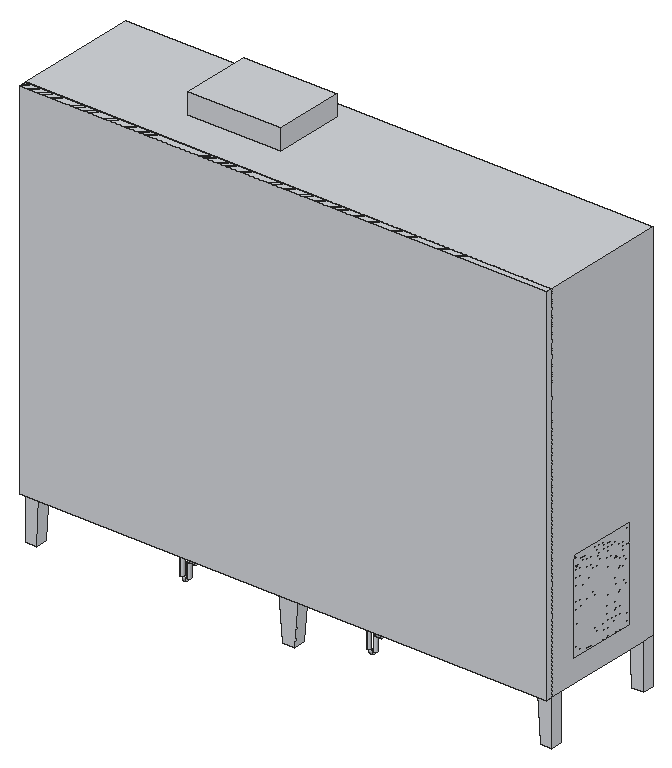
Revit family "AHU 3 _3", category Mechanické zařízení, Revit 2018
Family settings
  Kóta kulaté spojky = Použít průměr
  Typ dílu = Normální
  Číslo OmniClass = 23.75.00.00
  Nadpis OmniClass = Climate Control (HVAC)
  Založené na pracovní rovině = Ne
  Vždy vertikální = Ano
  Ořezat dutým tvarem při načtení = Ne
  Sdílené = Ne
  Bod výpočtu místnosti = Ne
Parameters (values of type "DUPLEXVENT 2500 Multi")
  Width [instance] = 0.58 mm
  Weight [instance] = 324.00 kg
  URL = ""
  Type [instance] = "DUPLEXVENT 2500 Multi"
  Total_SFP [instance] = 0
  Supply_outlet_hum [instance] = 90
  Supply_inlet_hum [instance] = 90
  Supply_ext_pressure [instance] = 0.0 Pa
  Supply_SFP [instance] = 0
  Source_adu_file [instance] = ""
  Recuperation_type [instance] = "Plate heat recovery exchanger"
  Recuperation_efficiency_EN308 [instance] = 0
  Project_name [instance] = ""
  Project_date [instance] = "9.8.2023"
  Power_supply_fusing [instance] = "0"
  Power_supply_cable [instance] = "0"
  Position [instance] = "AHU 3 "
  Phases_count [instance] = 3
  Panel_thickness [instance] = 0.06 mm
  Outer_surface [instance] = "RAL 9002"
  Length [instance] = 2.3 mm
  Insulation_type [instance] = "PUR"
  Insulation_thickness [instance] = 0.05 mm
  Installation_environment [instance] = ""
  Input_power_max [instance] = 5000 W
  Inner_surface [instance] = "Pozink"
  I2 [instance] = I1  # 0.0 L/s
  Height [instance] = 1.6 mm
  Exhaust_outlet_hum [instance] = 40
  Exhaust_inlet_hum [instance] = 40
  Exhaust_ext_pressure [instance] = 0.0 Pa
  Exhaust_SFP [instance] = 0
  E1 [instance] = E2 - M1  # 0.0 L/s
  E2 [instance] = 0.0 L/s
  I1 [instance] = 0.0 L/s
  Description = ""
  M1 [instance] = 0.0 L/s
  Device_dutypoint_version [instance] = "0"
  Device_design_version [instance] = "9"
  Device_adu_id [instance] = "3"
  Current_max [instance] = 8 A
  Casing_mat [instance] = "painted zinc layer"
  Cable type [instance] = "CYKY 5Jx2,5"
Reference planes
  plane 1 "Střed (vpředu/vzadu)": y = 0
  plane 2 "ref": z = 0
  plane 3 "Střed (vlevo/vpravo)": x = 0
Forms (mm)
  Sweep 1, solid
    path origin (0, 0, 0) x (0, 0, 1) y (1, 0, 0)
      loop
        line (0, 0) -> (1600, 0)
    profile origin (0, 0, 0) x (1, 0, 0) y (0, 1, 0)
      loop
        line (0, 0) -> (2300, 0) -> (2300, 550) -> (0, 550) -> (0, 0)
  Sweep 2, solid
    path origin (0, 0, 0) x (0, 0, 1) y (1, 0, 0)
      loop
        line (0, 0) -> (1600, 0)
    profile origin (0, 0, 0) x (1, 0, 0) y (0, 1, 0)
      loop
        line (0, 0) -> (0, -30) -> (2300, -30) -> (2300, 0) -> (0, 0)
  Sweep 3, solid
    path origin (1, 270, 300) x (0, 1, 0) y (-1, 0, 0)
      loop
        line (0, 0) -> (0, 1)
    profile origin (1, 270, 300) x (0, -1, 0) y (0, 0, 1)
      loop
        line (-150, -200) -> (150, -200) -> (150, 200) -> (-150, 200) -> (-150, -200)
  Sweep 4, solid
    path origin (2299, 285, 1205) x (1, 0, 0) y (0, 1, 0)
      loop
        line (0, 0) -> (1, 0)
    profile origin (2299, 285, 1205) x (0, 1, 0) y (0, 0, 1)
      loop
        line (-225, 355) -> (-225, -355) -> (225, -355) -> (225, 355) -> (-225, 355)
  Sweep 5, solid
    path origin (2299, 270, 300) x (1, 0, 0) y (0, 1, 0)
      loop
        line (0, 0) -> (1, 0)
    profile origin (2299, 270, 300) x (0, 1, 0) y (0, 0, 1)
      loop
        line (-150, 200) -> (-150, -200) -> (150, -200) -> (150, 200) -> (-150, 200)
  Sweep 6, solid
    path origin (1, 285, 1205) x (0, 1, 0) y (-1, 0, 0)
      loop
        line (0, 0) -> (0, 1)
    profile origin (1, 285, 1205) x (0, -1, 0) y (0, 0, 1)
      loop
        line (-225, -355) -> (225, -355) -> (225, 355) -> (-225, 355) -> (-225, -355)
  Sweep 7, solid
    path origin (1440, 75, 0) x (0, -1, 0) y (0, 0, 1)
      loop
        line (0, 0) -> (0, -142)
    profile origin (1440, 75, 0) x (-1, 0, 0) y (0, -1, 0)
      loop
        circle (0, 0) r 8
  Sweep 8, solid
    path origin (1448, 75, -150) x (0, 0, -1) y (1, 0, 0)
      loop
        line (0, 0) -> (0, 14)
    profile origin (1448, 75, -150) x (0, 0, 1) y (0, -1, 0)
      loop
        circle (0, 0) r 8
  Sweep 9, solid
    path origin (1470, 75, -142) x (0, -1, 0) y (0, 0, 1)
      loop
        line (0, 0) -> (0, 59)
    profile origin (1470, 75, -142) x (0, 1, 0) y (-1, 0, 0)
      loop
        circle (0, 0) r 8
  Sweep 10, solid
    path origin (1478, 75, -75) x (0, 0, -1) y (1, 0, 0)
      loop
        line (0, 0) -> (0, 22)
    profile origin (1478, 75, -75) x (0, 0, 1) y (0, -1, 0)
      loop
        circle (0, 0) r 8
  Sweep 11, solid
    path origin (625, 75, 0) x (0, -1, 0) y (0, 0, 1)
      loop
        line (0, 0) -> (0, -142)
    profile origin (625, 75, 0) x (-1, 0, 0) y (0, -1, 0)
      loop
        circle (0, 0) r 8
  Sweep 12, solid
    path origin (633, 75, -150) x (0, 0, -1) y (1, 0, 0)
      loop
        line (0, 0) -> (0, 14)
    profile origin (633, 75, -150) x (0, 0, 1) y (0, -1, 0)
      loop
        circle (0, 0) r 8
  Sweep 13, solid
    path origin (655, 75, -142) x (0, -1, 0) y (0, 0, 1)
      loop
        line (0, 0) -> (0, 59)
    profile origin (655, 75, -142) x (0, 1, 0) y (-1, 0, 0)
      loop
        circle (0, 0) r 8
  Sweep 14, solid
    path origin (663, 75, -75) x (0, 0, -1) y (1, 0, 0)
      loop
        line (0, 0) -> (0, 22)
    profile origin (663, 75, -75) x (0, 0, 1) y (0, -1, 0)
      loop
        circle (0, 0) r 8
  Sweep 15, solid
    path origin (0, 0, 0) x (0, 0, 1) y (1, 0, 0)
      loop
        line (0, 0) -> (1600, 0)
    profile origin (0, 0, 0) x (1, 0, 0) y (0, 1, 0)
      loop
        line (0, -30) -> (2300, -30) -> (2300, -5) -> (0, -5) -> (0, -30)
  Sweep 16, solid
    path origin (25, 50, 0) x (1, 0, 0) y (0, 1, 0)
      loop
        line (0, 0) -> (0, -50)
    profile origin (25, 50, 0) x (1, 0, 0) y (0, 0, 1)
      loop
        line (-25, 0) -> (-25, -200) -> (25, -200) -> (35, 0) -> (-25, 0)
  Sweep 17, solid
    path origin (2275, 50, 0) x (1, 0, 0) y (0, 1, 0)
      loop
        line (0, 0) -> (0, -50)
    profile origin (2275, 50, 0) x (1, 0, 0) y (0, 0, 1)
      loop
        line (-35, 0) -> (-25, -200) -> (25, -200) -> (25, 0) -> (-35, 0)
  Sweep 18, solid
    path origin (25, 550, 0) x (1, 0, 0) y (0, 1, 0)
      loop
        line (0, 0) -> (0, -50)
    profile origin (25, 550, 0) x (1, 0, 0) y (0, 0, 1)
      loop
        line (-25, 0) -> (-25, -200) -> (25, -200) -> (35, 0) -> (-25, 0)
  Sweep 19, solid
    path origin (2275, 550, 0) x (1, 0, 0) y (0, 1, 0)
      loop
        line (0, 0) -> (0, -50)
    profile origin (2275, 550, 0) x (1, 0, 0) y (0, 0, 1)
      loop
        line (-35, 0) -> (-25, -200) -> (25, -200) -> (25, 0) -> (-35, 0)
  Sweep 20, solid
    path origin (1150, 50, 0) x (1, 0, 0) y (0, 1, 0)
      loop
        line (0, 0) -> (0, -50)
    profile origin (1150, 50, 0) x (1, 0, 0) y (0, 0, 1)
      loop
        line (-45, 0) -> (-25, -200) -> (25, -200) -> (45, 0) -> (-45, 0)
  Sweep 21, solid
    path origin (1150, 550, 0) x (1, 0, 0) y (0, 1, 0)
      loop
        line (0, 0) -> (0, -50)
    profile origin (1150, 550, 0) x (1, 0, 0) y (0, 0, 1)
      loop
        line (-45, 0) -> (-25, -200) -> (25, -200) -> (45, 0) -> (-45, 0)
  Sweep 22, solid
    path origin (0, 0, 1600) x (0, 0, 1) y (1, 0, 0)
      loop
        line (0, 0) -> (90, 0)
    profile origin (0, 0, 1600) x (1, 0, 0) y (0, 1, 0)
      loop
        line (575, 168) -> (980, 168) -> (980, 473) -> (575, 473) -> (575, 168)
  Sweep 23, solid
    path origin (575, 321, 1645) x (0, 0, -1) y (1, 0, 0)
      loop
        line (0, 0) -> (0, -1)
    profile origin (575, 321, 1645) x (0, 0, -1) y (0, -1, 0)
      loop
        circle (0, 0) r 10
Lines and regions (mm)
  model lines, style "Symbol"
    curve 1: line (943, -30, 0) -> (943, -30, 320)
    curve 2: line (943, -30, 1600) -> (943, -30, 1280)
    curve 3: line (0, -30, 800) -> (463, -30, 800)
    curve 4: line (2300, -30, 800) -> (1423, -30, 800)
    curve 5: line (463, -30, 800) -> (703, -30, 1280)
    curve 6: line (703, -30, 1280) -> (1183, -30, 1280)
    curve 7: line (1183, -30, 1280) -> (1423, -30, 800)
    curve 8: line (1423, -30, 800) -> (1183, -30, 320)
    curve 9: line (1183, -30, 320) -> (943, -30, 320)
    curve 10: line (943, -30, 320) -> (703, -30, 320)
    curve 11: line (703, -30, 320) -> (463, -30, 800)
    curve 12: line (1948, -30, 1314) -> (2204, -30, 1270)
    curve 13: line (1948, -30, 1086) -> (2204, -30, 1130)
    curve 14: line (352, -30, 1086) -> (96, -30, 1130)
    curve 15: line (352, -30, 1314) -> (96, -30, 1270)
    curve 16: line (46, -30, 160) -> (46, -30, 640)
    curve 17: line (46, -30, 640) -> (184, -30, 640)
    curve 18: line (184, -30, 640) -> (184, -30, 160)
    curve 19: line (184, -30, 160) -> (46, -30, 160)
    curve 20: line (115, -30, 160) -> (184, -30, 400)
    curve 21: line (115, -30, 640) -> (184, -30, 400)
    curve 22: line (2254, -30, 640) -> (2254, -30, 160)
    curve 23: line (2254, -30, 160) -> (2116, -30, 160)
    curve 24: line (2116, -30, 160) -> (2116, -30, 640)
    curve 25: line (2116, -30, 640) -> (2254, -30, 640)
    curve 26: line (2185, -30, 640) -> (2116, -30, 400)
    curve 27: line (2185, -30, 160) -> (2116, -30, 400)
    curve 28: line (616, -30, 280) -> (398, -30, 708)
    curve 29: line (398, -30, 708) -> (470, -30, 744)
    curve 30: line (470, -30, 744) -> (688, -30, 316)
    curve 31: line (688, -30, 316) -> (616, -30, 280)
    curve 32: line (485, -30, 554) -> (513, -30, 641)
    curve 33: line (573, -30, 383) -> (601, -30, 470)
    curve 34: line (0, -1230, 0) -> (0, -30, 0)
    curve 35: line (2300, -1230, 0) -> (2300, -30, 0)
    curve 36: line (0, -1230, 0) -> (2300, -1230, 0)
    curve 37: line (0, -1230, 1600) -> (0, -30, 1600)
    curve 38: line (2300, -1230, 1600) -> (2300, -30, 1600)
    curve 39: line (0, -1230, 1600) -> (2300, -1230, 1600)
    curve 40: line (0, -1230, 0) -> (0, -1230, 1600)
    curve 41: line (2300, -1230, 0) -> (2300, -1230, 1600)
    curve 42: line (0, -1230, 1400) -> (200, -1230, 1600)
    curve 43: line (0, -1230, 1200) -> (400, -1230, 1600)
    curve 44: line (0, -1230, 1000) -> (600, -1230, 1600)
    curve 45: line (0, -1230, 800) -> (800, -1230, 1600)
    curve 46: line (0, -1230, 600) -> (1000, -1230, 1600)
    curve 47: line (0, -1230, 400) -> (1200, -1230, 1600)
    curve 48: line (0, -1230, 200) -> (1400, -1230, 1600)
    curve 49: line (0, -1230, 0) -> (1600, -1230, 1600)
    curve 50: line (200, -1230, 0) -> (1800, -1230, 1600)
    curve 51: line (400, -1230, 0) -> (2000, -1230, 1600)
    curve 52: line (600, -1230, 0) -> (2200, -1230, 1600)
    curve 53: line (800, -1230, 0) -> (2300, -1230, 1500)
    curve 54: line (1000, -1230, 0) -> (2300, -1230, 1300)
    curve 55: line (1200, -1230, 0) -> (2300, -1230, 1100)
    curve 56: line (1400, -1230, 0) -> (2300, -1230, 900)
    curve 57: line (1600, -1230, 0) -> (2300, -1230, 700)
    curve 58: line (1800, -1230, 0) -> (2300, -1230, 500)
    curve 59: line (2000, -1230, 0) -> (2300, -1230, 300)
    curve 60: line (2200, -1230, 0) -> (2300, -1230, 100)
    curve 61: line (2300, -1230, 1400) -> (2300, -1030, 1600)
    curve 62: line (2300, -1230, 1200) -> (2300, -830, 1600)
    curve 63: line (2300, -1230, 1000) -> (2300, -630, 1600)
    curve 64: line (2300, -1230, 800) -> (2300, -430, 1600)
    curve 65: line (2300, -1230, 600) -> (2300, -230, 1600)
    curve 66: line (2300, -1230, 400) -> (2300, -30, 1600)
    curve 67: line (2300, -1230, 200) -> (2300, -30, 1400)
    curve 68: line (2300, -1230, 0) -> (2300, -30, 1200)
    curve 69: line (2300, -1030, 0) -> (2300, -30, 1000)
    curve 70: line (2300, -830, 0) -> (2300, -30, 800)
    curve 71: line (2300, -630, 0) -> (2300, -30, 600)
    curve 72: line (2300, -430, 0) -> (2300, -30, 400)
    curve 73: line (2300, -230, 0) -> (2300, -30, 200)
    curve 74: line (0, -1030, 1600) -> (200, -1230, 1600)
    curve 75: line (0, -830, 1600) -> (400, -1230, 1600)
    curve 76: line (0, -630, 1600) -> (600, -1230, 1600)
    curve 77: line (0, -430, 1600) -> (800, -1230, 1600)
    curve 78: line (0, -230, 1600) -> (1000, -1230, 1600)
    curve 79: line (0, -30, 1600) -> (1200, -1230, 1600)
    curve 80: line (200, -30, 1600) -> (1400, -1230, 1600)
    curve 81: line (400, -30, 1600) -> (1600, -1230, 1600)
    curve 82: line (600, -30, 1600) -> (1800, -1230, 1600)
    curve 83: line (800, -30, 1600) -> (2000, -1230, 1600)
    curve 84: line (1000, -30, 1600) -> (2200, -1230, 1600)
    curve 85: line (1200, -30, 1600) -> (2300, -1130, 1600)
    curve 86: line (1400, -30, 1600) -> (2300, -930, 1600)
    curve 87: line (1600, -30, 1600) -> (2300, -730, 1600)
    curve 88: line (1800, -30, 1600) -> (2300, -530, 1600)
    curve 89: line (2000, -30, 1600) -> (2300, -330, 1600)
    curve 90: line (2200, -30, 1600) -> (2300, -130, 1600)
    curve 91: line (0, 0, 2320) -> (0, 0, 1600)
    curve 92: line (2300, 0, 2320) -> (2300, 0, 1600)
    curve 93: line (0, 0, 2320) -> (2300, 0, 2320)
    curve 94: line (0, 550, 2320) -> (0, 550, 1600)
    curve 95: line (2300, 550, 2320) -> (2300, 550, 1600)
    curve 96: line (0, 550, 2320) -> (2300, 550, 2320)
    curve 97: line (0, 0, 2320) -> (0, 550, 2320)
    curve 98: line (2300, 0, 2320) -> (2300, 550, 2320)
    curve 99: line (0, 350, 2320) -> (200, 550, 2320)
    curve 100: line (0, 150, 2320) -> (400, 550, 2320)
    curve 101: line (50, 0, 2320) -> (600, 550, 2320)
    curve 102: line (250, 0, 2320) -> (800, 550, 2320)
    curve 103: line (450, 0, 2320) -> (1000, 550, 2320)
    curve 104: line (650, 0, 2320) -> (1200, 550, 2320)
    curve 105: line (850, 0, 2320) -> (1400, 550, 2320)
    curve 106: line (1050, 0, 2320) -> (1600, 550, 2320)
    curve 107: line (1250, 0, 2320) -> (1800, 550, 2320)
    curve 108: line (1450, 0, 2320) -> (2000, 550, 2320)
    curve 109: line (1650, 0, 2320) -> (2200, 550, 2320)
    curve 110: line (1850, 0, 2320) -> (2300, 450, 2320)
    curve 111: line (2050, 0, 2320) -> (2300, 250, 2320)
    curve 112: line (2250, 0, 2320) -> (2300, 50, 2320)
    curve 113: line (2300, 350, 2320) -> (2300, 550, 2120)
    curve 114: line (2300, 150, 2320) -> (2300, 550, 1920)
    curve 115: line (2300, 0, 2270) -> (2300, 550, 1720)
    curve 116: line (2300, 0, 2070) -> (2300, 470, 1600)
    curve 117: line (2300, 0, 1870) -> (2300, 270, 1600)
    curve 118: line (2300, 0, 1670) -> (2300, 70, 1600)
    curve 119: line (0, 550, 2120) -> (200, 550, 2320)
    curve 120: line (0, 550, 1920) -> (400, 550, 2320)
    curve 121: line (0, 550, 1720) -> (600, 550, 2320)
    curve 122: line (80, 550, 1600) -> (800, 550, 2320)
    curve 123: line (280, 550, 1600) -> (1000, 550, 2320)
    curve 124: line (480, 550, 1600) -> (1200, 550, 2320)
    curve 125: line (680, 550, 1600) -> (1400, 550, 2320)
    curve 126: line (880, 550, 1600) -> (1600, 550, 2320)
    curve 127: line (1080, 550, 1600) -> (1800, 550, 2320)
    curve 128: line (1280, 550, 1600) -> (2000, 550, 2320)
    curve 129: line (1480, 550, 1600) -> (2200, 550, 2320)
    curve 130: line (1680, 550, 1600) -> (2300, 550, 2220)
    curve 131: line (1880, 550, 1600) -> (2300, 550, 2020)
    curve 132: line (2080, 550, 1600) -> (2300, 550, 1820)
    curve 133: line (2280, 550, 1600) -> (2300, 550, 1620)
    curve 134: line (0, 550, -200) -> (0, 550, 0)
    curve 135: line (2300, 550, -200) -> (2300, 550, 0)
    curve 136: line (0, 550, -200) -> (2300, 550, -200)
    curve 137: line (0, 0, -200) -> (0, 0, 0)
    curve 138: line (2300, 0, -200) -> (2300, 0, 0)
    curve 139: line (0, 0, -200) -> (2300, 0, -200)
    curve 140: line (0, 550, -200) -> (0, 0, -200)
    curve 141: line (2300, 550, -200) -> (2300, 0, -200)
    curve 142: line (0, 200, -200) -> (200, 0, -200)
    curve 143: line (0, 400, -200) -> (400, 0, -200)
    curve 144: line (50, 550, -200) -> (600, 0, -200)
    curve 145: line (250, 550, -200) -> (800, 0, -200)
    curve 146: line (450, 550, -200) -> (1000, 0, -200)
    curve 147: line (650, 550, -200) -> (1200, 0, -200)
    curve 148: line (850, 550, -200) -> (1400, 0, -200)
    curve 149: line (1050, 550, -200) -> (1600, 0, -200)
    curve 150: line (1250, 550, -200) -> (1800, 0, -200)
    curve 151: line (1450, 550, -200) -> (2000, 0, -200)
    curve 152: line (1650, 550, -200) -> (2200, 0, -200)
    curve 153: line (1850, 550, -200) -> (2300, 100, -200)
    curve 154: line (2050, 550, -200) -> (2300, 300, -200)
    curve 155: line (2250, 550, -200) -> (2300, 500, -200)
    curve 156: line (2300, 200, -200) -> (2300, 0, 0)
    curve 157: line (2300, 400, -200) -> (2300, 200, 0)
    curve 158: line (2300, 550, -150) -> (2300, 400, 0)
    curve 159: line (0, 0, 0) -> (200, 0, -200)
    curve 160: line (200, 0, 0) -> (400, 0, -200)
    curve 161: line (400, 0, 0) -> (600, 0, -200)
    curve 162: line (600, 0, 0) -> (800, 0, -200)
    curve 163: line (800, 0, 0) -> (1000, 0, -200)
    curve 164: line (1000, 0, 0) -> (1200, 0, -200)
    curve 165: line (1200, 0, 0) -> (1400, 0, -200)
    curve 166: line (1400, 0, 0) -> (1600, 0, -200)
    curve 167: line (1600, 0, 0) -> (1800, 0, -200)
    curve 168: line (1800, 0, 0) -> (2000, 0, -200)
    curve 169: line (2000, 0, 0) -> (2200, 0, -200)
    curve 170: line (2200, 0, 0) -> (2300, 0, -100)
    curve 171: line (0, -30, 0) -> (0, -30, 1600)
    curve 172: line (0, -30, 1600) -> (920, -30, 1600)
    curve 173: line (920, -30, 1600) -> (920, -30, 0)
    curve 174: line (920, -30, 0) -> (0, -30, 0)
    curve 175: line (1180, -30, 0) -> (1180, -30, 1600)
    curve 176: line (1180, -30, 1600) -> (2300, -30, 1600)
    curve 177: line (2300, -30, 1600) -> (2300, -30, 0)
    curve 178: line (2300, -30, 0) -> (1180, -30, 0)
    curve 179: line (0, -30, 0) -> (2300, -30, 0)
    curve 180: line (0, -30, 1600) -> (2300, -30, 1600)
    curve 181: line (0, -30, 0) -> (0, -30, 1600)
    curve 182: line (2300, -30, 0) -> (2300, -30, 1600)
    curve 183: line (0, -30, 0) -> (0, -5, 0)
    curve 184: line (2300, -30, 0) -> (2300, -5, 0)
    curve 185: line (0, -30, 1600) -> (0, -5, 1600)
    curve 186: line (2300, -30, 1600) -> (2300, -5, 1600)
    curve 187: circle (2060, -30, 1200) r 160 normal (0, -1, 0)
    curve 188: circle (240, -30, 1200) r 160 normal (0, -1, 0)
    curve 189: circle (499, -30, 598) r 12 normal (0, -1, 0)
    curve 190: circle (587, -30, 426) r 12 normal (0, -1, 0)
    curve 191: circle (1440, 75, 0) r 8 normal (0, 0, -1)
    curve 192: circle (1440, 75, -142) r 8 normal (0, 0, -1)
    curve 193: circle (625, 75, 0) r 8 normal (0, 0, -1)
    curve 194: circle (625, 75, -142) r 8 normal (0, 0, -1)
Dimensions and locks
  aligned and locked: level to plane 2 "ref"
Connectors
  hvac at (0, 270, 300), driven by "E1"
    settings: on Sweep 3, index 1, duct flow 0.0 L/s, flow factor 0, pres drop 0.0 Pa, loss coef 0, conn angle 0.00°, conn width 300 mm, conn height 400 mm, conn diameter 609.6 mm, duct sys type 1, conn prof type 1, flow config 1, flow direction 1, loss method 0, conn ref index -1, conn util no, is conn primary yes, conn desc ""
  hvac at (2300, 285, 1205), driven by "E2"
    settings: on Sweep 4, index 2, duct flow 0.0 L/s, flow factor 1, pres drop 0.0 Pa, loss coef 0, conn angle 0.00°, conn width 450 mm, conn height 710 mm, conn diameter 609.6 mm, duct sys type 1, conn prof type 1, flow config 2, flow direction 2, loss method 0, conn ref index -1, conn util no, is conn primary no, conn desc ""
  hvac at (2300, 270, 300), driven by "I1"
    settings: on Sweep 5, index 3, duct flow 0.0 L/s, flow factor 1, pres drop 0.0 Pa, loss coef 0, conn angle 0.00°, conn width 300 mm, conn height 400 mm, conn diameter 609.6 mm, duct sys type 3, conn prof type 1, flow config 2, flow direction 1, loss method 0, conn ref index -1, conn util no, is conn primary no, conn desc ""
  hvac at (0, 285, 1205), driven by "I2"
    settings: on Sweep 6, index 4, duct flow 0.0 L/s, flow factor 0, pres drop 0.0 Pa, loss coef 0, conn angle 0.00°, conn width 450 mm, conn height 710 mm, conn diameter 609.6 mm, duct sys type 3, conn prof type 1, flow config 1, flow direction 2, loss method 0, conn ref index -1, conn util no, is conn primary no, conn desc ""
  piping at (1500, 75, -75), diameter 40
    settings: on Sweep 10, index 5, connector inside diameter 609.6 mm, connector length 0 mm, flow factor 0, pipe flow 0.0 L/s, pressure drop 0.0 Pa, fitting loss kfactor 0, connector angle 0.00°, fixture units 0, engagement length 0 mm, angle of deflection 0.00°, flow configuration 1, flow direction 2, fitting loss method 0, system type 16, joint type 0, gender type 0, connector reference index -1, connector utility 0, adjustable connector no, is connector primary yes, connector description ""
  piping at (685, 75, -75), diameter 40
    settings: on Sweep 14, index 6, connector inside diameter 609.6 mm, connector length 0 mm, flow factor 0, pipe flow 0.0 L/s, pressure drop 0.0 Pa, fitting loss kfactor 0, connector angle 0.00°, fixture units 0, engagement length 0 mm, angle of deflection 0.00°, flow configuration 1, flow direction 2, fitting loss method 0, system type 16, joint type 0, gender type 0, connector reference index -1, connector utility 0, adjustable connector no, is connector primary no, connector description ""
  electrical at (574, 321, 1645)
    settings: on Sweep 23, index 7, voltage 400 V, apparent load 0 VA, apparent load phase1 0 VA, apparent load phase2 0 VA, apparent load phase3 0 VA, power factor 1, load classification "Další", number of poles 3, system type 31, power factor state 1, is connector primary yes, connector utility no, sub classification motor no, connector description ""
